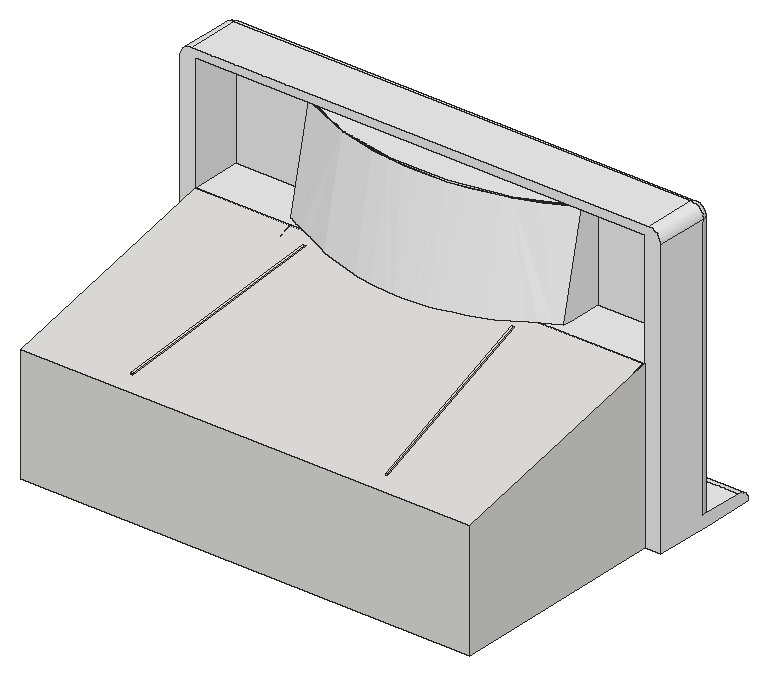
Revit family "Plumbing-Sink-Sloan-Valve-ELC-81000", category Plumbing Fixtures, host Face, Revit 2019
Family settings
  Host = Face
  Round Connector Dimension = Use Diameter
  Part Type = Normal
  OmniClass Number = 23.45.05.14.14
  OmniClass Title = Sinks/Lavatories
  Cut with Voids When Loaded = No
  Shared = No
  Room Calculation Point = No
Parameters (values of type "ELC-81000")
  Width = 30.00"  # constant formula
  Water Flow = 0.0 GPM
  Waste Connection = yes
  WFU = 2
  Vent Connection = no
  Valve Pressure Drop = 0.0 Pa
  URL = "www.sloanvalve.com"
  TAS Ages 4-10 [instance] = no
  TAS Ages 11-15 [instance] = no
  Sanitary Drain Connection Diameter = 1.50"
  Product data url = "https://bimobject.com/sloan_valve/product/sinks_sloanstone_elc-81000"
  Product Material = Sloan - SloanStone - White (WH)
  Product Guid = ""
  Part Number = ""
  Model = "ELC-81000"
  Manufacturer = "Sloan Valve"  # constant formula
  Keynote = "10000"
  Hot Water Connection Diameter = 0.50"
  Height = 6.78"  # constant formula
  HWFU = 1.5
  HW Connection = yes
  z_Elevation [instance] = if(ADA Compliant, 22.00", if([TAS Ages 4-10], 18.00", if([TAS Ages 11-15], 20.00", 24.00")))  # 22.00"
  Enclosure [instance] = yes
  Edition number = 1
  Description = "SloanStone® 1-Station Wall-Mounted Counter Top Sink."
  Depth = 18.00"  # constant formula
  Default Elevation = 0.00"  # constant formula
  Cold Water Connection Diameter = 0.50"
  CWFU = 1.5
  CW Connection = yes
  Assembly Code = "D2010400"
  ADA Compliant [instance] = yes
Reference planes (in)
  plane 1 "Center (Front/Back)": y = 0
  plane 2: z = 0
  plane 3 "Center (Left/Right)": x = 0
  plane 4: x = 11.25
  plane 5: x = 2.5
  plane 6: x = 8.5
  plane 7: y = -33.9375
  plane 8: x = -15
  plane 9: x = 15
  plane 10: z = 18
  plane 11: z = 2.13045
  plane 12: y = -11.9375
Forms (in)
  Extrusion 1, solid, not visible
    sketch origin (0, 0, 0) x (1, 0, 0) y (0, 1, 0)
      loop
        circle (0, -11.9375) r 0.75
      loop
        circle (2, -11.9375) r 0.25
      loop
        circle (-2, -11.9375) r 0.25
      loop
        line (-10.5, -7.9375) -> (-10.5, -9.9375) -> (-7.5, -9.9375) -> (-7.5, -7.9375) -> (-10.5, -7.9375)
    from 0 to 0.50971
Dimensions and locks (in)
  locked: plane 12 to plane 1 "Center (Front/Back)" at 11.9375
  "z_Elevation": plane 12 to plane 7
  aligned and locked: plane 2 to host face
  aligned and locked: level to host face
  aligned and locked: plane 3 "Center (Left/Right)" to nested 1
  aligned and locked: plane 1 "Center (Front/Back)" to nested 1
Automatic sketch dimensions
  host sketch curve to host sketch curve = 96.00"  (x2)
  Extrusion 1 sketch curve to plane 12 = 0.00"  (x3)
  Extrusion 1 sketch curve to plane 3 "Center (Left/Right)" = 0.00"
  Extrusion 1 sketch curve to plane 3 "Center (Left/Right)" = 2.00"
  Extrusion 1 sketch curve to Extrusion 1 sketch curve = 5.50"
  Extrusion 1 sketch curve to Extrusion 1 sketch curve = 3.00"
  Extrusion 1 sketch curve to plane 5 = 0.50"
  plane 12 to Extrusion 1 sketch curve = 2.00"
  Extrusion 1 sketch curve to Extrusion 1 sketch curve = 2.00"
  radius of Extrusion 1 sketch curve = 0.75"
  radius of Extrusion 1 sketch curve = 0.25"  (x2)
Nested families (in)
  nested 1: "Geometry" at (0, 0, 0), type "Geometry"
Connectors (in)
  piping at (0, -11.9375, 0), diameter 1.5, driven by "Sanitary Drain Connection Diameter", driven by "WFU"
    settings: on Extrusion 1, index 2, connector inside diameter 24.00", connector length 0.00", flow factor 0, pipe flow 0.0 GPM, pressure drop 0.0 Pa, fitting loss kfactor 0, connector angle 0.00°, fixture units 2, engagement length 0.00", angle of deflection 0.00°, flow configuration 3, flow direction 2, fitting loss method 0, system type 16, joint type 0, gender type 0, connector reference index -1, connector utility 0, adjustable connector no, is connector primary yes, connector description "Sanitary Drain Connection"
  piping at (2, -11.9375, 0), diameter 0.5, driven by "Cold Water Connection Diameter"
    settings: on Extrusion 1, index 3, connector inside diameter 24.00", connector length 0.00", flow factor 0, pipe flow 0.0 GPM, pressure drop 0.0 Pa, fitting loss kfactor 0, connector angle 0.00°, fixture units 1.5, engagement length 0.00", angle of deflection 0.00°, flow configuration 3, flow direction 1, fitting loss method 0, system type 20, joint type 0, gender type 0, connector reference index -1, connector utility 0, adjustable connector no, is connector primary no, connector description "Cold Water Connection"
  piping at (-2, -11.9375, 0), diameter 0.5, driven by "Hot Water Connection Diameter"
    settings: on Extrusion 1, index 4, connector inside diameter 24.00", connector length 0.00", flow factor 0, pipe flow 0.0 GPM, pressure drop 0.0 Pa, fitting loss kfactor 0, connector angle 0.00°, fixture units 1.5, engagement length 0.00", angle of deflection 0.00°, flow configuration 3, flow direction 1, fitting loss method 0, system type 19, joint type 0, gender type 0, connector reference index -1, connector utility 0, adjustable connector no, is connector primary no, connector description "Hot Water Connection"
Definition of nested family "Geometry"
  Parameters (values of type "Geometry")
    URL = ""
    Product Material = none
    Model = ""
    Manufacturer = ""
    Enclosure Material = none
    Enclosure = yes
    Description = ""
    Default Elevation = 33.9375"
    Assembly Code = ""
  Reference planes (in)
    plane 1 "Center (Front/Back)": y = 0
    plane 2: z = 0
    plane 3 "Center (Left/Right)": x = 0
    plane 4: z = 18
    plane 5: x = 15
    plane 6: x = -15
    plane 7: y = 3
    plane 8: y = -17.4375
    plane 9: y = -33.9375
    plane 10: y = -3.78125
    plane 11: z = 6.75
    plane 12: y = -11.9375
    plane 13: x = -2
    plane 14: x = 2
    plane 15: y = -3.78125
    plane 16: y = -8.9375
    plane 17: x = -9
    plane 18: y = -5.89909
    plane 19: x = -8.75
    plane 20: x = 8.75
    plane 21: z = 10.25
    plane 22: z = 4.59881
    plane 23: z = 7.6162
    plane 24: y = -33.9375
  Forms (in)
    Extrusion 1, solid
      sketch origin (0, 0, 0) x (1, 0, 0) y (0, 1, 0)
        loop
          line (-48, 48) -> (-48, -48) -> (48, -48) -> (48, 48) -> (-48, 48)
      from 0 to -12
    Extrusion 2, solid, material <- "Product Material"
      sketch origin (-15, 0, 0) x (0, 1, 0) y (0, 0, 1)
        loop
          line (-4.67455, 0) -> (0, 0) -> (3, 0)
          arc (3, 0) -> (2.78033, 0.53033) -> (2.25, 0.75) r 0.75
          line (2.25, 0.75) -> (0, 0.75) -> (0, 18) -> (-4.67455, 18) -> (-4.67455, 0)
      from 0 to 30
    Blend 3, void
      base sketch origin (0, 0, 0) x (1, 0, 0) y (0, 0, 1)
        loop
          arc (8, 15.13528) -> (7.85355, 15.48883) -> (7.5, 15.63528) r 0.5
          line (7.5, 15.63528) -> (-7.5, 15.63528)
          arc (-7.5, 15.63528) -> (-7.85355, 15.48883) -> (-8, 15.13528) r 0.5
          line (-8, 15.13528) -> (-8, 5.13528)
          arc (-8, 5.13528) -> (-7.85355, 4.78172) -> (-7.5, 4.63528) r 0.5
          line (-7.5, 4.63528) -> (7.5, 4.63528)
          arc (7.5, 4.63528) -> (7.85355, 4.78172) -> (8, 5.13528) r 0.5
          line (8, 5.13528) -> (8, 15.13528)
      top sketch origin (0, 0, 0) x (1, 0, 0) y (0, 0, 1)
        loop
          arc (7.5, 4.13528) -> (8.20711, 4.42817) -> (8.5, 5.13528) r 1
          line (8.5, 5.13528) -> (8.5, 15.13528)
          arc (8.5, 15.13528) -> (8.20711, 15.84238) -> (7.5, 16.13528) r 1
          line (7.5, 16.13528) -> (-7.5, 16.13528)
          arc (-7.5, 16.13528) -> (-8.20711, 15.84238) -> (-8.5, 15.13528) r 1
          line (-8.5, 15.13528) -> (-8.5, 5.13528)
          arc (-8.5, 5.13528) -> (-8.20711, 4.42817) -> (-7.5, 4.13528) r 1
          line (-7.5, 4.13528) -> (7.5, 4.13528)
      from 5.04228 to 0
    Blend 4, void
      base sketch origin (0, 0, 0) x (1, 0, 0) y (0, 0, 1)
        loop
          line (14.49276, 0.75) -> (14.49276, 17.49276) -> (-14.49276, 17.49276) -> (-14.49276, 0.75) -> (14.49276, 0.75)
      top sketch origin (0, 0, 0) x (1, 0, 0) y (0, 0, 1)
        loop
          arc (8.5, 15.13528) -> (8.20711, 15.84238) -> (7.5, 16.13528) r 1
          line (7.5, 16.13528) -> (-7.5, 16.13528)
          arc (-7.5, 16.13528) -> (-8.20711, 15.84238) -> (-8.5, 15.13528) r 1
          line (-8.5, 15.13528) -> (-8.5, 5.13528)
          arc (-8.5, 5.13528) -> (-8.20711, 4.42817) -> (-7.5, 4.13528) r 1
          line (-7.5, 4.13528) -> (7.5, 4.13528)
          arc (7.5, 4.13528) -> (8.20711, 4.42817) -> (8.5, 5.13528) r 1
          line (8.5, 5.13528) -> (8.5, 15.13528)
      from 0 to 0.625
    Sweep 5, void
      path origin (0, 0, 0) x (0, 1, 0) y (0, 0, 1)
        loop
          line (-11.9375, 0) -> (-11.9375, 2.375)
          arc (-11.9375, 2.375) -> (-12.23039, 3.08211) -> (-12.9375, 3.375) r 1
          line (-12.9375, 3.375) -> (-13.1875, 3.375)
          arc (-13.1875, 3.375) -> (-14.875, 5.0625) -> (-13.1875, 6.75) r 1.6875
          line (-13.1875, 6.75) -> (-4.35756, 6.75)
      profile origin (0, -8.77253, 6.75) x (0, 0, 1) y (1, 0, 0)
        loop
          circle (0, 0) r 0.75
    Extrusion 6, solid, material <- "Enclosure Material"
      sketch origin (0, 15.09345, 0) x (1, 0, 0) y (0, 1, 0)
        loop
          circle (0, -27.03095) r 0.75
        loop
          circle (2, -27.03095) r 0.25
        loop
          circle (-2, -27.03095) r 0.25
      from 0 to 0.01563
    Extrusion 7, solid, material <- "Product Material"
      sketch origin (0, 0, 0) x (1, 0, 0) y (0, 0, 1)
        loop
          line (1.5625, 0.75) -> (1.5625, 2.13045)
          arc (1.5625, 2.13045) -> (0, 3.69295) -> (-1.5625, 2.13045) r 1.5625
          line (-1.5625, 2.13045) -> (-1.5625, 0.75) -> (1.5625, 0.75)
        loop
          circle (0, 2.2242) r 0.75
      from 0 to 0.75
    Extrusion 8, solid, material <- "Enclosure Material"
      sketch origin (0, 3, 0) x (1, 0, 0) y (0, 1, 0)
        loop
          line (-10.5, -10.9375) -> (-10.5, -12.9375) -> (-7.5, -12.9375) -> (-7.5, -10.9375) -> (-10.5, -10.9375)
      from 0 to 0.0625
    Sweep 9, void
      path origin (0, 0, 0) x (1, 0, 0) y (0, 0, 1)
        loop
          line (15, 0.75) -> (15, 17.25)
          arc (15, 17.25) -> (14.78033, 17.78033) -> (14.25, 18) r 0.75
          line (14.25, 18) -> (-14.25, 18)
          arc (-14.25, 18) -> (-14.78033, 17.78033) -> (-15, 17.25) r 0.75
          line (-15, 17.25) -> (-15, 0.75)
      profile origin (15, 0, 9) x (-1, 0, 0) y (0, -1, 0)
        loop
          line (0, 0.50724) -> (0, 0) -> (0.50724, 0)
          arc (0.50724, 0) -> (0.14857, 0.14857) -> (0, 0.50724) r 0.50724
    Extrusion 10, solid, material <- "Product Material"
      sketch origin (-8.20811, 0.02091, 0) x (-0.139173, 0.990268, 0) y (0, 0, 1)
        loop
          circle (-2.06539, 6.60137) r 0.25
        loop
          circle (-2.06539, 6.60137) r 0.1875
      from -0.34335 to -0.28085
    Extrusion 11, solid, material <- "Enclosure Material", visible <- "Enclosure"
      sketch origin (-45, -6.10613, 9.7449) x (0, -0.975993, -0.217802) y (1, 0, 0)
        loop
          line (10.46797, 53.01987) -> (-1.44258, 51.55744) -> (-1.44258, 51.4315) -> (10.46797, 52.89393) -> (10.46797, 53.01987)
        loop
          line (10.46797, 36.98013) -> (10.46797, 37.10607) -> (-1.44258, 38.5685) -> (-1.44258, 38.44256) -> (10.46797, 36.98013)
      from 0 to 0.0625
    Extrusion 12, void
      sketch origin (0, 0, 0) x (1, 0, 0) y (0, 0, 1)
        loop
          line (14, 10.26372) -> (14, 17.49276) -> (-14, 17.49276) -> (-14, 10.26372) -> (-8, 10.26372) -> (-8, 15.13528)
          arc (-8, 15.13528) -> (-7.85355, 15.48883) -> (-7.5, 15.63528) r 0.5
          line (-7.5, 15.63528) -> (7.5, 15.63528)
          arc (7.5, 15.63528) -> (7.85355, 15.48883) -> (8, 15.13528) r 0.5
          line (8, 15.13528) -> (8, 10.26372) -> (14, 10.26372)
      from 0.625 to 4.67455
    Extrusion 13, solid, material <- "Enclosure Material", visible <- "Enclosure"
      sketch origin (0, 0, 0) x (0, 1, 0) y (0, 0, 1)
        loop
          line (-17.4375, 7.2162) -> (-17.4375, 6.96005) -> (-3.78125, 10.00757) -> (-3.78125, 10.26372) -> (-17.4375, 7.2162)
      from -14 to 14
    Blend 14, solid, material <- "Product Material"
      base sketch origin (30, 0.125, 0) x (1, 0, 0) y (0, 1, 0)
        loop
          arc (-38.5, -1.99005) -> (-30, -4.18096) -> (-21.5, -1.99005) r 17.58403
          line (-21.5, -1.99005) -> (-21.5, -1.41631) -> (-38.5, -1.41631) -> (-38.5, -1.99005)
      top sketch origin (30, 0.125, 0) x (1, 0, 0) y (0, 1, 0)
        loop
          arc (-38.5, -4.74005) -> (-30, -6.93096) -> (-21.5, -4.74005) r 17.58403
          line (-21.5, -4.74005) -> (-21.5, -4.16631)
          arc (-21.5, -4.16631) -> (-30, -6.43096) -> (-38.5, -4.16631) r 17.08403
          line (-38.5, -4.16631) -> (-38.5, -4.74005)
      from 16.24003 to 4.13528
    Extrusion 15, solid, material <- "Product Material"
      sketch origin (0, 0, 0) x (1, 0, 0) y (0, 1, 0)
        loop
          line (-8.5, -0.625) -> (-8.5, -1.86505)
          arc (-8.5, -1.86505) -> (0, -4.05596) -> (8.5, -1.86505) r 17.58403
          line (8.5, -1.86505) -> (8.5, -0.625) -> (-8.5, -0.625)
      from 16.24003 to 16.30253
    Extrusion 16, solid, material <- "Product Material"
      sketch origin (0, 0, 0) x (1, 0, 0) y (0, 1, 0)
        loop
          line (-8.43802, -0.625) -> (-8.5, -0.625) -> (-8.5, -4.42755)
          arc (-8.5, -4.42755) -> (-8.26915, -4.55278) -> (-8.03646, -4.67455) r 17.58403
          line (-8.03646, -4.67455) -> (-8.43802, -0.625)
      from 5.96236 to 16.30253
    Extrusion 17, void
      sketch origin (0, 0, 0) x (0, 1, 0) y (0, 0, 1)
        loop
          line (-4.67455, 16.30253) -> (-4.67455, 3.87337) -> (-1.85085, 16.30253) -> (-4.67455, 16.30253)
      from -8.75 to -8.03646
    Extrusion 18, void
      sketch origin (0, 0, 0) x (1, 0, 0) y (0, 0, 1)
        loop
          line (15, 17.25) -> (15, 18) -> (14.25, 18)
          arc (14.25, 18) -> (14.78033, 17.78033) -> (15, 17.25) r 0.75
        loop
          arc (-15, 17.25) -> (-14.78033, 17.78033) -> (-14.25, 18) r 0.75
          line (-14.25, 18) -> (-15, 18) -> (-15, 17.25)
      from 0 to 3.78125
    Extrusion 19, solid, material <- "Product Material"
      sketch origin (0, 0, 0) x (-1, 0, 0) y (0, -1, 0)
        loop
          line (-8.43802, 0.625) -> (-8.03646, 4.67455)
          arc (-8.03646, 4.67455) -> (-8.26915, 4.55278) -> (-8.5, 4.42755) r 17.58403
          line (-8.5, 4.42755) -> (-8.5, 0.625) -> (-8.43802, 0.625)
      from 5.96236 to 16.30253
    Extrusion 20, void
      sketch origin (0, 0, 0) x (0, 1, 0) y (0, 0, -1)
        loop
          line (-4.67455, -16.30253) -> (-1.85085, -16.30253) -> (-4.67455, -3.87337) -> (-4.67455, -16.30253)
      from -8.5 to -8.03646
    Extrusion 21, solid, material <- "Product Material"
      sketch origin (0, 0, 10.20122) x (1, 0, 0) y (0, 1, 0)
        loop
          line (8.5, -2.91522) -> (7, -3.78125) -> (8.5, -3.78125) -> (8.5, -2.91522)
        loop
          line (-8.5, -2.91522) -> (-8.5, -3.78125) -> (-7, -3.78125) -> (-8.5, -2.91522)
      from 0 to 0.0625
    Extrusion 22, solid, material <- "Enclosure Material", visible <- "Enclosure"
      sketch origin (0, 0, 0) x (0, 1, 0) y (0, 0, 1)
        loop
          line (-17.4375, 6.96005) -> (-17.4375, 0) -> (-3.78125, 0) -> (-3.78125, 10.00757) -> (-17.4375, 6.96005)
      from -14 to -13.75
    Extrusion 23, solid, material <- "Enclosure Material", visible <- "Enclosure"
      sketch origin (0, 0, 0) x (0, 1, 0) y (0, 0, -1)
        loop
          line (-17.4375, -6.96005) -> (-3.78125, -10.00757) -> (-3.78125, 0) -> (-17.4375, 0) -> (-17.4375, -6.96005)
      from -14 to -13.75
    Extrusion 24, solid, material <- "Enclosure Material", visible <- "Enclosure"
      sketch origin (0, 0, 0) x (1, 0, 0) y (0, 0, 1)
        loop
          line (-13.75, 7.12021) -> (-13.75, 0) -> (13.75, 0) -> (13.75, 7.12021) -> (-13.75, 7.12021)
      from 17.12216 to 17.4375
    Extrusion 25, solid, material <- "Product Material"
      sketch origin (0, 0, 0) x (0, 1, 0) y (0, 0, 1)
        loop
          line (-4.67455, 4.59881) -> (-6.80596, 4.59881) -> (-6.80596, 4.13528) -> (-3.78125, 4.13528) -> (-3.78125, 4.51023) -> (-4.67455, 4.59881)
      from -8.03646 to 8.5
    Extrusion 26, void
      sketch origin (0, 0, 0) x (1, 0, 0) y (0, 0, 1)
        loop
          line (-13.875, 17.49276) -> (13.875, 17.49276) -> (13.875, 0) -> (15, 0) -> (15, 18) -> (-15, 18) -> (-15, 0) -> (-13.875, 0) -> (-13.875, 17.49276)
      from 3.78125 to 4.67455
    Extrusion 27, void
      sketch origin (0, 0, 0) x (0, 1, 0) y (0, 0, 1)
        loop
          line (-4.14746, 10.58214) -> (-4.14746, 9.83214) -> (-2.72068, 9.83214) -> (-2.72068, 10.58214) -> (-4.14746, 10.58214)
      from -5.07326 to 4.69744
    Extrusion 28, void
      sketch origin (0, 0, 0) x (0, 1, 0) y (0, 0, 1)
        loop
          line (-4.67455, 10.01749) -> (-3.78125, 10.21684) -> (-3.78125, 10.48935) -> (-4.67455, 10.4112) -> (-4.67455, 10.01749)
      from -15 to 14
    Revolve 29, void
      sketch origin (0, -3.34337, -1.30818) x (0, 0.927184, -0.374607) y (0, 0.374607, 0.927184)
        loop
          line (-5.82151, 6.46431) -> (-4.27968, 7.08725) -> (-4.51841, 7.67813) -> (-5.82151, 7.15165) -> (-5.82151, 6.46431)
        axis (-5.82151, 6.46431) -> (-4.27968, 7.08725)
      angle from 0 to 360
  Cuts and joins
    Blend 3, Blend 4, Sweep 5, Sweep 9, Extrusion 12, Extrusion 18, Extrusion 20, Extrusion 26, Extrusion 27, Extrusion 28 cuts Extrusion 2
    Blend 3, Extrusion 12, Extrusion 17, Extrusion 18, Extrusion 20, Extrusion 26, Extrusion 27, Extrusion 28 cuts Extrusion 7
    Extrusion 20 cuts Extrusion 10
    Extrusion 26, Revolve 29 cuts Blend 14
    Extrusion 26, Extrusion 27, Extrusion 28 cuts Extrusion 15
    Extrusion 17, Extrusion 18, Extrusion 20, Extrusion 26, Extrusion 27, Extrusion 28 cuts Extrusion 16
    Extrusion 20, Extrusion 26, Extrusion 27, Extrusion 28 cuts Extrusion 19
    Extrusion 26, Extrusion 27, Extrusion 28 cuts Extrusion 21
    Extrusion 26, Extrusion 27, Extrusion 28 cuts Extrusion 25
    joined: Extrusion 2, Extrusion 7, Extrusion 10, Blend 14, Extrusion 15, Extrusion 16, Extrusion 19, Extrusion 21, Extrusion 25
    Sweep 5, Extrusion 18, Extrusion 27 cuts Extrusion 13
    Extrusion 27, Extrusion 28 cuts Extrusion 22
    Extrusion 27, Extrusion 28 cuts Extrusion 23
    Extrusion 27, Extrusion 28 cuts Extrusion 24
    joined: Extrusion 13, Extrusion 22, Extrusion 23, Extrusion 24
    Extrusion 26, Extrusion 27, Extrusion 28 cuts Extrusion 11
  Lines and regions (in)
    Masking region 1
      outline origin (0, 0, 0) x (1, 0, 0) y (0, 0, 1)
        loop
          line (15, 0) -> (15, 17.25)
          arc (15, 17.25) -> (14.78033, 17.78033) -> (14.25, 18) r 0.75
          line (14.25, 18) -> (-14.25, 18)
          arc (-14.25, 18) -> (-14.78033, 17.78033) -> (-15, 17.25) r 0.75
          line (-15, 17.25) -> (-15, 0) -> (15, 0)
    symbolic lines, detail levels medium+fine
      curve 1: line (15, 0, 0.75) -> (-15, 0, 0.75)
      curve 2: line (7.30936, 0, 16.30253) -> (-7.30936, 0, 16.30253)
      curve 3: line (8.5, 0, 5.12745) -> (8.5, 0, 15.11189)
      curve 4: line (-7.5, 0, 4.12745) -> (7.5, 0, 4.12745)
      curve 5: line (-8.5, 0, 15.11189) -> (-8.5, 0, 5.12745)
      curve 6: arc (8.5, 0, 15.11189) -> (8.15127, 0, 15.9538) -> (7.30936, 0, 16.30253) r 1.19064
      curve 7: arc (8.5, 0, 5.12745) -> (8.20711, 0, 4.42034) -> (7.5, 0, 4.12745) r 1
      curve 8: arc (-8.5, 0, 15.11189) -> (-8.15127, 0, 15.9538) -> (-7.30936, 0, 16.30253) r 1.19064
      curve 9: arc (-8.5, 0, 5.12745) -> (-8.20711, 0, 4.42034) -> (-7.5, 0, 4.12745) r 1
      curve 14: line (14.49276, 0, 0.75) -> (14.49276, 0, 17.4509)
      curve 15: line (14.49276, 0, 17.4509) -> (-14.50724, 0, 17.4509)
      curve 16: line (-14.50724, 0, 17.4509) -> (-14.50724, 0, 0.75)
    symbolic lines, detail levels fine
      curve 10: line (1.5625, 0, 0.75) -> (1.5625, 0, 2.13045)
      curve 11: arc (1.5625, 0, 2.13045) -> (0.00006, 0, 3.69289) -> (-1.56238, 0, 2.13045) r 1.56244
      curve 12: line (-1.56238, 0, 2.13045) -> (-1.56238, 0, 0.75)
      curve 13: circle (0, 0, 6.8662) r 0.6363 normal (0, -1, 0)
  Dimensions and locks (in)
    plane 2 to plane 4 = 18.00"
    plane 6 to plane 3 "Center (Left/Right)" to plane 5 = 15.00", 15.00"
    plane 7 to plane 1 "Center (Front/Back)" = 3.00"
    plane 1 "Center (Front/Back)" to plane 8 = 17.4375"  (x2)
    plane 13 to plane 14 = 4.00"
    plane 9 to plane 1 "Center (Front/Back)" = 33.9375"
    plane 9 to plane 12 = 22.00"
    plane 1 "Center (Front/Back)" to plane 15 = 3.78125"
    plane 8 to plane 1 "Center (Front/Back)" = 17.4375"
    plane 1 "Center (Front/Back)" to plane 7 = 3.00"
    plane 15 to plane 1 "Center (Front/Back)" = 3.78125"
    plane 17 to plane 3 "Center (Left/Right)" = 9.00"
    plane 8 to plane 16 = 8.50"
    plane 8 to plane 9 = 16.50"
    plane 4 to Extrusion 1 = 18.00"
    aligned and locked: plane 2 to Extrusion 1
    aligned and locked: level to Extrusion 1
